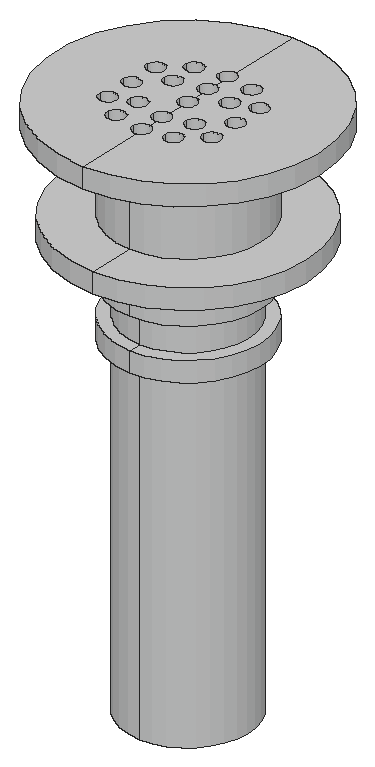
Revit family "Grid_Drain-American_Standard-Heritage-7716020.002", category Plumbing Fixtures, Revit 2019
Family settings
  Round Connector Dimension = Use Diameter
  Part Type = Normal
  OmniClass Number = 23.70.50.21.24
  OmniClass Title = Waste Water Drains
  Work Plane-Based = Yes
  Always vertical = No
  Cut with Voids When Loaded = No
  Shared = Yes
  Room Calculation Point = No
Parameters (values of type "7716020.002")
  Waste Connection Diameter = 1 1/2"
  Waste Connection = yes
  WFU = 4
  Vent Connection = no
  URL = "https://www.americanstandard-us.com/"
  Revised Date = "08/04/2022"  # constant formula
  Product Page URL = "https://americanstandard-us.com/Mechanical-Commercial-F99ittings/Grid-Strainer-Drain-for-Sinks/CHROME-7716020002"
  Product Documentation Link = "https://americanstandard.box.com/shared/static/o6tnhgi787nchz5czuayeotuukl8bx9n.pdf"
  Model = "7716020.002"
  Material = "Brass-American Standard-002-Chrome"
  Manufacturer = "American Standard"
  Installation Type = "Surface Mounted"  # constant formula
  IAPMO Compliance = "ASME A112.18.2 and CSA B 125.2"  # constant formula
  Height = 6 13/16"
  HWFU = 3
  HW Connection = no
  Finish = Brass-American Standard-002-Chrome
  Drain Screw Length Constraint = if(Drain Screw Length < 1 1/4", 1 1/4", if(Drain Screw Length > 1 1/2", 1 1/2", Drain Screw Length))  # 1 1/4"
  Drain Screw Length = 1 1/4"
  Diameter = 2 31/32"
  Description = "Grid Strainer Drain for Sinks"  # constant formula
  Default Elevation = 34"
  Cost = 0
  CWFU = 3
  CW Connection = no
  Assembly Code = "D2030300"
Reference planes (in)
  plane 1 "Center (Front/Back)": y = 0
  plane 2: z = 0
  plane 3 "Center (Left/Right)": x = 0
  plane 4: x = -0.75
  plane 5: x = 0.75
  plane 6: x = 1.48438
  plane 7: x = -1.48437
  plane 8: z = -1.25
  plane 9: z = -6.8125
  plane 10: z = -1.5
  plane 11: z = -2
  plane 12: z = -2.38573
  plane 13: z = -2.63573
  plane 14: y = 0.75
  plane 15: y = 0.90625
Forms (in)
  Extrusion 1, void
    sketch origin (0, 0, 0) x (1, 0, 0) y (0, 1, 0)
      loop
        circle (-0.01169, 0.63572) r 0.10938
      loop
        circle (-0.01169, 0.32322) r 0.10938
      loop
        circle (0.00003, -0.00003) r 0.10938
      loop
        circle (-0.37639, 0.23691) r 0.10938
      loop
        circle (-0.67182, -0.03445) r 0.10938
      loop
        circle (-0.67182, 0.34012) r 0.10938
      loop
        circle (-0.38082, 0.57535) r 0.10938
      loop
        circle (0.33037, 0.23691) r 0.10938
      loop
        circle (0.6258, -0.03445) r 0.10938
      loop
        circle (0.6258, 0.34012) r 0.10938
      loop
        circle (0.33481, 0.57535) r 0.10938
      loop
        circle (-0.01169, -0.70457) r 0.10938
      loop
        circle (-0.01169, -0.39207) r 0.10938
      loop
        circle (-0.37639, -0.30576) r 0.10938
      loop
        circle (-0.67182, -0.40896) r 0.10938
      loop
        circle (-0.38082, -0.6442) r 0.10938
      loop
        circle (0.33037, -0.30576) r 0.10938
      loop
        circle (0.6258, -0.40896) r 0.10938
      loop
        circle (0.33481, -0.6442) r 0.10938
    from -0.25 to 0
  Revolve 2, solid, material "Brass-American Standard-002-Chrome" <- "Finish"
    sketch origin (0, 0, 0) x (0, 1, 0) y (0, 0, 1)
      loop
        line (0, -1.25) -> (0, -6.8125) -> (0.75, -6.8125) -> (0.75, -2.63573) -> (0.90625, -2.63573) -> (0.90625, -2.38573) -> (0.75, -2.38573) -> (0.75, -2) -> (0.90625, -2) -> (0.90625, -1.5) -> (1.48437, -1.5) -> (1.48437, -1.25) -> (0, -1.25)
      axis (0, -1.25) -> (0, -6.8125)
    angle from 0 to 360
  Revolve 3, solid, material "Brass-American Standard-002-Chrome" <- "Finish"
    sketch origin (0, 0, 0) x (0, 1, 0) y (0, 0, 1)
      loop
        line (0, -1.25) -> (0.90625, -1.25) -> (0.90625, -0.25) -> (1.64062, -0.25) -> (1.64062, 0) -> (0, 0) -> (0, -1.25)
      axis (0, 0) -> (0, -1.25)
    angle from 0 to 360
Cuts and joins
  Extrusion 1 cuts Revolve 3
  joined: Revolve 2, Revolve 3
Lines and regions (in)
  Masking region 1
    outline origin (0, 0, 0) x (1, 0, 0) y (0, 1, 0)
      loop
        circle (0, 0) r 1.64062
  symbolic lines
    curve 1: arc (-0.4902, 0.57532, 0) -> (-0.38086, 0.68464, 0) -> (-0.27145, 0.57539, 0) r 0.10938
    curve 2: arc (-0.27145, 0.57539, 0) -> (-0.38079, 0.46589, 0) -> (-0.4902, 0.57532, 0) r 0.10938
    curve 3: arc (-0.12106, 0.63569, 0) -> (-0.01172, 0.74501, 0) -> (0.09769, 0.63576, 0) r 0.10938
    curve 4: arc (0.09769, 0.63576, 0) -> (-0.01165, 0.52626, 0) -> (-0.12106, 0.63569, 0) r 0.10938
    curve 5: arc (0.22543, 0.57539, 0) -> (0.33478, 0.6847, 0) -> (0.44418, 0.57545, 0) r 0.10938
    curve 6: arc (0.44418, 0.57545, 0) -> (0.33484, 0.46595, 0) -> (0.22543, 0.57539, 0) r 0.10938
    curve 7: arc (0.51643, 0.34015, 0) -> (0.62577, 0.44947, 0) -> (0.73518, 0.34022, 0) r 0.10938
    curve 8: arc (0.73518, 0.34022, 0) -> (0.62583, 0.23072, 0) -> (0.51643, 0.34015, 0) r 0.10938
    curve 9: arc (0.221, 0.23695, 0) -> (0.33034, 0.34626, 0) -> (0.43975, 0.23701, 0) r 0.10938
    curve 10: arc (0.43975, 0.23701, 0) -> (0.3304, 0.12751, 0) -> (0.221, 0.23695, 0) r 0.10938
    curve 11: arc (-0.12106, 0.32326, 0) -> (-0.01172, 0.43257, 0) -> (0.09769, 0.32332, 0) r 0.10938
    curve 12: arc (0.09769, 0.32332, 0) -> (-0.01165, 0.21382, 0) -> (-0.12106, 0.32326, 0) r 0.10938
    curve 13: arc (-0.48576, 0.23688, 0) -> (-0.37642, 0.3462, 0) -> (-0.26701, 0.23695, 0) r 0.10938
    curve 14: arc (-0.26701, 0.23695, 0) -> (-0.37635, 0.12745, 0) -> (-0.48576, 0.23688, 0) r 0.10938
    curve 15: arc (-0.78119, 0.34009, 0) -> (-0.67185, 0.4494, 0) -> (-0.56244, 0.34015, 0) r 0.10938
    curve 16: arc (-0.56244, 0.34015, 0) -> (-0.67178, 0.23065, 0) -> (-0.78119, 0.34009, 0) r 0.10938
    curve 17: arc (-0.78119, -0.03449, 0) -> (-0.67185, 0.07483, 0) -> (-0.56244, -0.03442, 0) r 0.10938
    curve 18: arc (-0.56244, -0.03442, 0) -> (-0.67178, -0.14392, 0) -> (-0.78119, -0.03449, 0) r 0.10938
    curve 19: arc (-0.10924, -0.00005, 0) -> (0.00011, 0.10927, 0) -> (0.10951, 0.00002, 0) r 0.10938
    curve 20: arc (0.10951, 0.00002, 0) -> (0.00017, -0.10948, 0) -> (-0.10924, -0.00005, 0) r 0.10938
    curve 21: arc (-0.78119, -0.40893, 0) -> (-0.67185, -0.29961, 0) -> (-0.56244, -0.40886, 0) r 0.10938
    curve 22: arc (-0.56244, -0.40886, 0) -> (-0.67178, -0.51836, 0) -> (-0.78119, -0.40893, 0) r 0.10938
    curve 23: arc (-0.48576, -0.30572, 0) -> (-0.37642, -0.19641, 0) -> (-0.26701, -0.30566, 0) r 0.10938
    curve 24: arc (-0.26701, -0.30566, 0) -> (-0.37635, -0.41516, 0) -> (-0.48576, -0.30572, 0) r 0.10938
    curve 25: arc (-0.12106, -0.3921, 0) -> (-0.01172, -0.28278, 0) -> (0.09769, -0.39203, 0) r 0.10938
    curve 26: arc (0.09769, -0.39203, 0) -> (-0.01165, -0.50153, 0) -> (-0.12106, -0.3921, 0) r 0.10938
    curve 27: arc (-0.4902, -0.64416, 0) -> (-0.38086, -0.53485, 0) -> (-0.27145, -0.6441, 0) r 0.10938
    curve 28: arc (-0.27145, -0.6441, 0) -> (-0.38079, -0.7536, 0) -> (-0.4902, -0.64416, 0) r 0.10938
    curve 29: arc (-0.12106, -0.70453, 0) -> (-0.01172, -0.59522, 0) -> (0.09769, -0.70447, 0) r 0.10938
    curve 30: arc (0.09769, -0.70447, 0) -> (-0.01165, -0.81397, 0) -> (-0.12106, -0.70453, 0) r 0.10938
    curve 31: arc (0.221, -0.30579, 0) -> (0.33034, -0.19647, 0) -> (0.43975, -0.30572, 0) r 0.10938
    curve 32: arc (0.43975, -0.30572, 0) -> (0.3304, -0.41522, 0) -> (0.221, -0.30579, 0) r 0.10938
    curve 33: arc (0.22544, -0.64553, 0) -> (0.33479, -0.53622, 0) -> (0.44419, -0.64547, 0) r 0.10938
    curve 34: arc (0.44419, -0.64547, 0) -> (0.33485, -0.75497, 0) -> (0.22544, -0.64553, 0) r 0.10938
    curve 35: arc (0.51643, -0.40899, 0) -> (0.62577, -0.29968, 0) -> (0.73518, -0.40893, 0) r 0.10938
    curve 36: arc (0.73518, -0.40893, 0) -> (0.62583, -0.51843, 0) -> (0.51643, -0.40899, 0) r 0.10938
    curve 37: arc (0.51643, -0.03442, 0) -> (0.62577, 0.07489, 0) -> (0.73518, -0.03436, 0) r 0.10938
    curve 38: arc (0.73518, -0.03436, 0) -> (0.62583, -0.14386, 0) -> (0.51643, -0.03442, 0) r 0.10938
Dimensions and locks (in)
  "Drain Screw Length Constraint": level to plane 8
  plane 8 to plane 10 to plane 11 to plane 12 to plane 13 = 1/4" locked, 1/2" locked, 0.38573" locked, 1/4" locked
  locked: level to Revolve 3 sketch curve at 0.25
  level to cut or joined group of Extrusion 1, Revolve 2, Revolve 3 = 6 13/16"
  locked: level to plane 9 at 6.8125
  aligned and locked: level to Extrusion 1
  aligned and locked: Revolve 2 sketch curve to plane 13
  aligned and locked: plane 12 to Revolve 2 sketch curve
  aligned and locked: Revolve 2 sketch curve to plane 11
  aligned and locked: Revolve 2 sketch curve to plane 10
  aligned and locked: plane 8 to Revolve 2 sketch curve
  aligned and locked: plane 9 to Revolve 2 sketch curve
  aligned and locked: Revolve 2 sketch curve to plane 1 "Center (Front/Back)"
  aligned and locked: plane 1 "Center (Front/Back)" to Revolve 2 sketch curve
  aligned and locked: Revolve 3 sketch curve to level
  aligned and locked: Revolve 3 sketch curve to plane 8
  aligned and locked: Revolve 3 sketch curve to plane 1 "Center (Front/Back)"
  aligned and locked: plane 1 "Center (Front/Back)" to Revolve 3 sketch curve
  aligned and locked: Revolve 2 sketch curve to plane 14  (x2)
  aligned and locked: plane 15 to Revolve 3 sketch curve
Automatic sketch dimensions
  curve 1 to curve 2 = 0"  (x2)
  curve 3 to curve 4 = 0"  (x2)
  curve 5 to curve 6 = 0"  (x2)
  curve 7 to curve 8 = 0"  (x2)
  curve 9 to curve 10 = 0"  (x2)
  curve 11 to curve 12 = 0"  (x2)
  curve 13 to curve 14 = 0"  (x2)
  curve 15 to curve 16 = 0"  (x2)
  curve 17 to curve 18 = 0"  (x2)
  curve 19 to curve 20 = 0"  (x2)
  curve 21 to curve 22 = 0"  (x2)
  curve 23 to curve 24 = 0"  (x2)
  curve 25 to curve 26 = 0"  (x2)
  curve 27 to curve 28 = 0"  (x2)
  curve 29 to curve 30 = 0"  (x2)
  curve 31 to curve 32 = 0"  (x2)
  curve 33 to curve 34 = 0"  (x2)
  curve 35 to curve 36 = 0"  (x2)
  curve 37 to curve 38 = 0"  (x2)
  plane 4 to curve 22 = 0.07818"
  plane 4 to curve 15 = 0.07818"
  plane 1 "Center (Front/Back)" to curve 17 = 0.03455"
  plane 4 to curve 17 = 0.07818"
  plane 4 to curve 2 = 0.36918"
  plane 4 to curve 28 = 0.36918"
  curve 21 to curve 23 = 0.29543"
  curve 15 to curve 14 = 0.29543"
  curve 29 to plane 3 "Center (Left/Right)" = 0.01169"
  curve 3 to plane 3 "Center (Left/Right)" = 0.01169"
  curve 12 to plane 3 "Center (Left/Right)" = 0.01169"
  curve 25 to plane 3 "Center (Left/Right)" = 0.01169"
  plane 3 "Center (Left/Right)" to curve 20 = 0.00014"
  plane 3 "Center (Left/Right)" to curve 10 = 0.33037"
  plane 3 "Center (Left/Right)" to curve 32 = 0.33037"
  plane 3 "Center (Left/Right)" to curve 5 = 0.33481"
  plane 3 "Center (Left/Right)" to curve 33 = 0.33482"
  curve 35 to plane 5 = 0.1242"
  plane 1 "Center (Front/Back)" to curve 38 = 0.03448"
  curve 38 to plane 5 = 0.1242"
  curve 8 to plane 5 = 0.1242"
  plane 1 "Center (Front/Back)" to curve 24 = 0.30578"
  plane 1 "Center (Front/Back)" to curve 32 = 0.30585"
  curve 26 to curve 31 = 0.08631"
  curve 21 to curve 23 = 0.10321"
  curve 36 to curve 31 = 0.10321"
  curve 28 to curve 23 = 0.33844"
  curve 34 to curve 31 = 0.33975"
  curve 29 to curve 25 = 0.31243"
  plane 1 "Center (Front/Back)" to curve 19 = 0.00011"
  curve 13 to plane 1 "Center (Front/Back)" = 0.23682"
  curve 9 to plane 1 "Center (Front/Back)" = 0.23689"
  curve 11 to plane 1 "Center (Front/Back)" = 0.3232"
  curve 13 to curve 16 = 0.10321"
  curve 9 to curve 8 = 0.10321"
  curve 13 to curve 2 = 0.33844"
  curve 9 to curve 5 = 0.33844"
  curve 11 to curve 3 = 0.31243"
  curve 15 to plane 4 = 0.03119"
  curve 18 to plane 4 = 0.03119"
  curve 22 to plane 4 = 0.03119"
  curve 15 to curve 15 = 7/64"
  curve 21 to curve 21 = 7/64"
  plane 1 "Center (Front/Back)" to curve 18 = 0.03442"
  curve 17 to curve 18 = 7/64"
  curve 28 to curve 27 = 7/64"
  curve 1 to curve 1 = 7/64"  (x2)
  curve 14 to curve 13 = 7/64"
  curve 24 to curve 23 = 7/64"
  curve 27 to curve 27 = 7/64"
  curve 23 to curve 23 = 7/64"
  curve 13 to curve 14 = 7/64"
  curve 3 to curve 3 = 7/64"
  curve 29 to curve 29 = 7/64"
  curve 11 to curve 11 = 7/64"
  curve 26 to curve 25 = 7/64"
  plane 1 "Center (Front/Back)" to curve 20 = 0.00005"
  curve 20 to plane 3 "Center (Left/Right)" = 0.10924"
  plane 3 "Center (Left/Right)" to curve 29 = 0.09769"
  plane 3 "Center (Left/Right)" to curve 4 = 0.09769"
  plane 3 "Center (Left/Right)" to curve 25 = 0.09769"
  plane 3 "Center (Left/Right)" to curve 11 = 0.09769"
  curve 20 to plane 1 "Center (Front/Back)" = 0"
  curve 31 to curve 31 = 7/64"
  curve 10 to curve 9 = 7/64"
  curve 5 to curve 5 = 7/64"
  curve 34 to curve 33 = 7/64"
  curve 9 to curve 10 = 7/64"
  curve 31 to curve 32 = 7/64"
  curve 5 to curve 6 = 7/64"
  curve 33 to curve 33 = 7/64"
  curve 36 to curve 35 = 7/64"
  curve 8 to curve 7 = 7/64"
  plane 1 "Center (Front/Back)" to curve 37 = 0.03442"
  curve 37 to curve 37 = 7/64"
  curve 8 to plane 5 = 0.01482"
  curve 37 to plane 5 = 0.01482"
  curve 35 to plane 5 = 0.01482"
  curve 23 to curve 23 = 0.00013"
  curve 31 to curve 32 = 0.00013"
  curve 25 to curve 25 = 0.00013"
  curve 21 to curve 22 = 0.00013"
  curve 35 to curve 35 = 0.00013"
  curve 27 to curve 28 = 0.00013"
  curve 33 to curve 33 = 0.00013"
  curve 29 to curve 29 = 0.00013"
  curve 13 to curve 14 = 0.00006"
  curve 9 to curve 10 = 0.00006"
  curve 11 to curve 12 = 0.00006"
  curve 15 to curve 15 = 0.00006"
  curve 7 to curve 7 = 0.00006"
  curve 1 to curve 1 = 0.00006"
  curve 5 to curve 5 = 0.00006"
  curve 3 to curve 3 = 0.00006"
  Extrusion 1 sketch curve to Extrusion 1 sketch curve = 0"  (x38)
  plane 1 "Center (Front/Back)" to Extrusion 1 sketch curve = 0"
  plane 1 "Center (Front/Back)" to Extrusion 1 sketch curve = 0.03455"  (x2)
  plane 4 to Extrusion 1 sketch curve = 0.07818"  (x3)
  plane 4 to Extrusion 1 sketch curve = 0.36918"  (x2)
  Extrusion 1 sketch curve to Extrusion 1 sketch curve = 0.29543"  (x2)
  Extrusion 1 sketch curve to plane 3 "Center (Left/Right)" = 0.01169"  (x4)
  plane 3 "Center (Left/Right)" to Extrusion 1 sketch curve = 0.00003"
  plane 3 "Center (Left/Right)" to Extrusion 1 sketch curve = 0.33037"  (x2)
  plane 3 "Center (Left/Right)" to Extrusion 1 sketch curve = 0.33481"  (x2)
  Extrusion 1 sketch curve to plane 5 = 0.1242"  (x3)
  plane 1 "Center (Front/Back)" to Extrusion 1 sketch curve = 0.30566"  (x2)
  Extrusion 1 sketch curve to Extrusion 1 sketch curve = 0.08631"
  Extrusion 1 sketch curve to Extrusion 1 sketch curve = 0.10321"  (x4)
  Extrusion 1 sketch curve to Extrusion 1 sketch curve = 0.33844"  (x4)
  Extrusion 1 sketch curve to Extrusion 1 sketch curve = 5/16"  (x2)
  plane 1 "Center (Front/Back)" to Extrusion 1 sketch curve = 0.00013"
  Extrusion 1 sketch curve to plane 1 "Center (Front/Back)" = 0.23682"  (x2)
  Extrusion 1 sketch curve to plane 1 "Center (Front/Back)" = 0.32313"
  Extrusion 1 sketch curve to plane 4 = 0.03119"  (x3)
  Extrusion 1 sketch curve to Extrusion 1 sketch curve = 7/64"  (x26)
  plane 1 "Center (Front/Back)" to Extrusion 1 sketch curve = 0.03449"  (x2)
  plane 1 "Center (Front/Back)" to Extrusion 1 sketch curve = 0.00007"
  Extrusion 1 sketch curve to plane 3 "Center (Left/Right)" = 0.10934"
  plane 3 "Center (Left/Right)" to Extrusion 1 sketch curve = 0.09769"  (x4)
  Extrusion 1 sketch curve to plane 5 = 0.01482"  (x3)
  Extrusion 1 sketch curve to Extrusion 1 sketch curve = 0.00006"  (x16)
  Masking region 1 sketch curve to Masking region 1 sketch curve = 0"  (x2)
  Masking region 1 sketch curve to plane 3 "Center (Left/Right)" = 0"
  plane 1 "Center (Front/Back)" to Masking region 1 sketch curve = 0"
  plane 1 "Center (Front/Back)" to Masking region 1 sketch curve = 1 41/64"
  Revolve 3 sketch curve to Revolve 3 sketch curve = 47/64"
  Revolve 3 sketch curve to plane 8 = 1 3/4"
  Revolve 3 sketch curve to Revolve 3 sketch curve = 1/2"
  Revolve 2 sketch curve to plane 14 = 5/32"  (x2)
  Revolve 2 sketch curve to Revolve 2 sketch curve = 37/64"
  Revolve 2 sketch curve to plane 9 = 1 1/4"
  Revolve 2 sketch curve to Revolve 2 sketch curve = 3/4"
Connectors (in)
  piping at (0, 0, -6.8125), diameter 1.5, driven by "Waste Connection Diameter"
    settings: on cut or joined group of Extrusion 1, Revolve 2, Revolve 3, index 1, connector inside diameter 24", connector length 0", flow factor 0, pipe flow 0 GPM, pressure drop 0.00 psi, fitting loss kfactor 0, connector angle 0°, fixture units 0, engagement length 0", angle of deflection 0°, flow configuration 0, flow direction 0, fitting loss method 0, system type 7, joint type 0, gender type 0, connector reference index -1, connector utility 0, adjustable connector no, is connector primary yes, connector description ""
